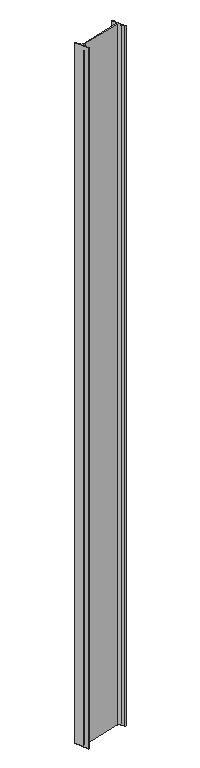
Revit family "423b1d1cf56844789c67bd4f8b99d3bd", category Structural Columns, Revit 2021
Family settings
  Section Shape = Not Defined
  Material for Model Behavior = Steel
  Always export as geometry = No
  Beam cutback in plan = From bounding box
  OmniClass Number = 23.25.30.11.14.11
  OmniClass Title = Columns
  Seek Item ID = M-Miscellaneous Wide Flange-Column-0000-USA-ENU
  Cut with Voids When Loaded = No
  Symbolic Representation = From Project Settings
  Shared = No
  Show family pre-cut in plan views = Yes
Parameters (values of type "M8X6.5")
  W = 6.5
  Structural Material [instance] = Steel ASTM A36
  Assembly Code = "B10"
  bf = 0' - 2 9/32"
  d = 0' - 8"
  k = 0' - 0 9/16"
  kr = k - tf  # 0' - 0 109/256"
  tf = 0' - 0 35/256"
  tw = 0' - 0 49/256"
  A = 1.44 in²
Types (2): name | W | bf | d | k | kr | tf | tw | A
  M8X6.5 | 6.5 | 0' - 2 9/32" | 0' - 8" | 0' - 0 9/16" | 0' - 0 109/256" | 0' - 0 35/256" | 0' - 0 49/256" | 1.44 in²
  M12X10.0 | 10 | 0' - 3 1/4" | 0' - 11 31/32" | 0' - 0 1/2" | 0' - 0 45/128" | 0' - 0 19/128" | 0' - 0 23/128" | 2.88 in²
Reference planes (in)
  plane 1: y = 0
  plane 2: z = 0
  plane 3: x = 0
  plane 4: x = -1.14063
  plane 5: x = 1.14062
  plane 6: y = 4
  plane 7: y = -4
  plane 8: x = -0.15625
  plane 9: x = 0.15625
Forms (in)
  Extrusion 1, solid, material "Steel ASTM A36" <- "Structural Material", detail levels medium
    sketch origin (0, 0, 0) x (1, 0, 0) y (0, 1, 0)
      loop
        line (-1.14063, 4) -> (-1.14063, 3.86328) -> (-0.0957, 3.86328) -> (-0.0957, -3.86328) -> (-1.14063, -3.86328) -> (-1.14063, -4) -> (1.14062, -4) -> (1.14062, -3.86328) -> (0.0957, -3.86328) -> (0.0957, 3.86328) -> (1.14062, 3.86328) -> (1.14062, 4) -> (-1.14063, 4)
    from 0 to 108
  Extrusion 2, solid, material "Steel ASTM A36" <- "Structural Material", detail levels fine
    sketch origin (0, 0, 0) x (1, 0, 0) y (0, 1, 0)
      loop
        line (-1.14063, 4) -> (-1.14063, 3.86328) -> (-0.52148, 3.86328)
        arc (-0.52148, 3.86328) -> (-0.22041, 3.73857) -> (-0.0957, 3.4375) r 0.42578
        line (-0.0957, 3.4375) -> (-0.0957, -3.4375)
        arc (-0.0957, -3.4375) -> (-0.22041, -3.73857) -> (-0.52148, -3.86328) r 0.42578
        line (-0.52148, -3.86328) -> (-1.14063, -3.86328) -> (-1.14063, -4) -> (1.14062, -4) -> (1.14062, -3.86328) -> (0.52148, -3.86328)
        arc (0.52148, -3.86328) -> (0.22041, -3.73857) -> (0.0957, -3.4375) r 0.42578
        line (0.0957, -3.4375) -> (0.0957, 3.4375)
        arc (0.0957, 3.4375) -> (0.22041, 3.73857) -> (0.52148, 3.86328) r 0.42578
        line (0.52148, 3.86328) -> (1.14062, 3.86328) -> (1.14062, 4) -> (-1.14063, 4)
    from 0 to 108
Lines and regions (in)
  symbolic lines, style "StructuralColumnStickSymbols", detail levels coarse
    curve 1: line (-1.14063, 4, 0) -> (1.14062, 4, 0)
    curve 2: line (-1.14062, -4, 0) -> (1.14063, -4, 0)
    curve 3: line (0, 4, 0) -> (0, -4, 0)
  symbolic lines, style "Hidden Faces", detail levels medium+fine
    curve 4: line (-0.15625, 0, 0) -> (-0.15625, 0, 108)
    curve 5: line (0.15625, 0, 108) -> (0.15625, 0, 0)
Dimensions and locks (in)
  equal spacing: plane 4, plane 3, plane 5
  equal spacing: plane 7, plane 1, plane 6
  "d": plane 7 to plane 6
  "bf": plane 4 to plane 5
  "tf": plane 7 to Extrusion 1 sketch curve
  "tf": Extrusion 1 sketch curve to plane 6
  equal spacing: Extrusion 1 sketch curve, plane 3, Extrusion 1 sketch curve
  "tw": Extrusion 1 sketch curve to Extrusion 1 sketch curve
  "kr": radius of Extrusion 2 sketch curve  (x4)
  aligned and locked: plane 6 to Extrusion 1 sketch curve
  aligned and locked: Extrusion 1 sketch curve to plane 7
  aligned and locked: Extrusion 1 sketch curve to plane 4  (x2)
  aligned and locked: plane 5 to Extrusion 1 sketch curve  (x2)
  aligned and locked: Extrusion 1 sketch curve to Extrusion 1 sketch curve  (x2)
  aligned and locked: level to Extrusion 1
  aligned and locked: level to plane 2
  aligned and locked: Extrusion 1 to plane 2
  aligned and locked: plane 6 to Extrusion 2 sketch curve
  aligned and locked: plane 5 to Extrusion 2 sketch curve  (x2)
  aligned and locked: Extrusion 2 sketch curve to plane 4  (x2)
  aligned and locked: Extrusion 2 sketch curve to Extrusion 1  (x6)
  aligned and locked: Extrusion 2 sketch curve to plane 7
  aligned and locked: level to Extrusion 2
  aligned and locked: Extrusion 2 to level
Automatic sketch dimensions
  curve 2 to plane 4 = 0' - 0"
  curve 1 to plane 4 = 0' - 0"
  curve 3 to plane 3 = 0' - 0"
  curve 2 to plane 5 = 0' - 0"
  curve 1 to plane 5 = 0' - 0"
  curve 3 to plane 7 = 0' - 0"
  curve 3 to plane 6 = 0' - 0"
  curve 4 to level = 0' - 0"  (x2)
  curve 4 to plane 8 = 0' - 0"
  curve 5 to level = 0' - 0"  (x2)
  curve 5 to plane 9 = 0' - 0"
